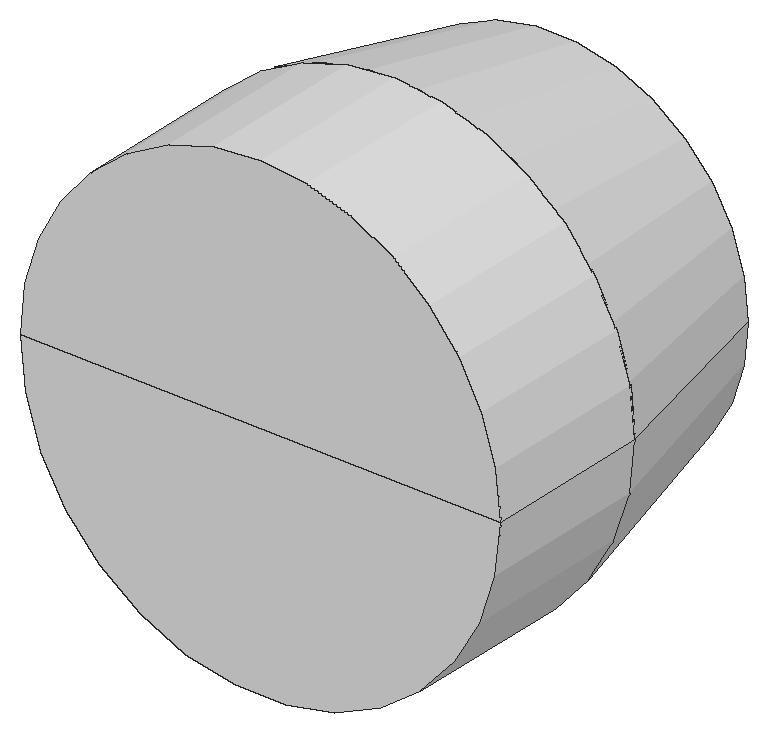
Revit family "CWSO-WW-S2 ENScape akustisk signalgiver hvit_Vegg", category Fire Alarm Devices, Revit 2016
Family settings
  Maintain Annotation Orientation = Yes
  Part Type = Normal
  Round Connector Dimension = Use Diameter
  OmniClass Number = 23.85.30.21.11.17
  OmniClass Title = Other Components
  Work Plane-Based = No
  Always vertical = No
  Cut with Voids When Loaded = No
  Shared = No
  Room Calculation Point = No
Parameters (values of type "Signalgiver")
  Type Comments = "-XH"
  Reference Line Out [instance] = 50.00 mm
  NS8360 = "5423_XN1"
  Manufacturer = "Honeywell"
  Keynote = "XN1"
  CQFontSymboler = ""
  CQ Diameter = 100.00 mm
  CQ Symbol Positive Direction [instance] = yes
  CQ Symbol Offset Side [instance] = 0.00 mm
  CQ Symbol Offset Out [instance] = 0.00 mm
  CQ Material = Plastic - White
  CQ Length = 77.00 mm
  Assembly Code = "5423"
Reference planes
  plane 1 "Center (Front/Back)": y = 0
  plane 2: z = 0
  plane 3 "Center (Left/Right)": x = 0
  plane 4: y = 77
  plane 5: x = 50
  plane 6: x = -50
  plane 7: z = 50
  plane 8: z = -50
Forms (mm)
  Revolve 1, solid, material "Plastic - White" <- "CQ Material"
    sketch origin (0, 0, 0) x (1, 0, 0) y (0, 1, 0)
      loop
        line (50, 0) -> (50, 35) -> (40, 77) -> (38, 77)
        arc (38, 77) -> (31.118, 58.248) -> (13.595, 48.661) r 28.41
        line (13.595, 48.661) -> (0, 55) -> (0, 0) -> (50, 0)
      axis (0, 77) -> (0, 0)
    angle from 0 to 360
Lines and regions (mm)
  model lines, style "InvisibleLines"
    curve 1: line (0, 0, 0) -> (0, 84, 0)
    curve 2: line (0, 0, 0) -> (0, 50, 0)
  symbolic lines, style "InvisibleLines"
    curve 3: line (-50, 0, 0) -> (-50, 77, 0)
    curve 4: line (-50, 77, 0) -> (50, 77, 0)
    curve 5: line (50, 77, 0) -> (50, 0, 0)
Dimensions and locks
  "CQ Length": plane 1 "Center (Front/Back)" to plane 4
  "Reference Line Out": plane 1 "Center (Front/Back)" to curve 2
  equal spacing: plane 6, plane 3 "Center (Left/Right)", plane 5
  "CQ Diameter": plane 6 to plane 5
  equal spacing: plane 7, plane 2, plane 8
  "CQ Diameter": plane 7 to plane 8
  aligned and locked: level to plane 2
  aligned and locked: curve 1 to plane 2
  aligned and locked: curve 2 to plane 3 "Center (Left/Right)"
  aligned and locked: plane 1 "Center (Front/Back)" to curve 2
  aligned and locked: curve 2 to plane 2
  aligned and locked: plane 3 "Center (Left/Right)" to nested 1
  aligned and locked: plane 1 "Center (Front/Back)" to nested 1
  aligned and locked: plane 1 "Center (Front/Back)" to curve 3
  aligned and locked: plane 1 "Center (Front/Back)" to curve 5
  aligned and locked: plane 4 to curve 4
  aligned and locked: plane 5 to curve 5
  aligned and locked: Revolve 1 sketch curve to plane 5
  aligned and locked: Revolve 1 sketch curve to plane 1 "Center (Front/Back)"
  aligned and locked: Revolve 1 sketch curve to plane 3 "Center (Left/Right)"
  aligned and locked: plane 4 to Revolve 1 sketch curve
Automatic sketch dimensions
  Revolve 1 sketch curve to plane 3 "Center (Left/Right)" = 0.00 mm
  plane 4 to Revolve 1 sketch curve = 0.212 mm
  Revolve 1 sketch curve to Revolve 1 sketch curve = 35.00 mm
  plane 4 to Revolve 1 sketch curve = 22.00 mm
  plane 3 "Center (Left/Right)" to Revolve 1 sketch curve = 13.595 mm
  Revolve 1 sketch curve to plane 4 = 1923.00 mm
  plane 3 "Center (Left/Right)" to Revolve 1 sketch curve = 9.59 mm
  plane 5 to Revolve 1 sketch curve = 12.00 mm
  Revolve 1 sketch curve to Revolve 1 sketch curve = 2.00 mm
  plane 1 "Center (Front/Back)" to Revolve 1 sketch curve = 2000.00 mm
  curve 4 to plane 6 = 0.00 mm
  curve 1 to plane 4 = 7.00 mm
Nested families
  nested 1: "Alarm - Summer" at (0, 0, 0), type "Type 1"
Connectors
  electrical at (0, 0, 0)
    settings: index 1, voltage 0 V, apparent load 0 VA, apparent load phase1 0 VA, apparent load phase2 0 VA, apparent load phase3 0 VA, power factor 1, load classification "Other", number of poles 1, system type 11, power factor state 1, is connector primary yes, connector utility no, sub classification motor no, connector description ""
Definition of nested family "Alarm - Summer"
  Parameters (values of type "Type 1")
    CQ Symbol Positive Direction = yes
    CQ Symbol Negative Direction = not(CQ Symbol Positive Direction)  # no
    CQ Symbol Offset Side = 0.00 mm
    CQ Symbol Offset Out = 0.00 mm
  Reference planes
    plane 1: y = 0
    plane 2: x = 0
  Dimensions and locks
    "CQ Symbol Offset Out": plane 1 to nested 1
    "CQ Symbol Offset Out": plane 1 to nested 2
    "CQ Symbol Offset Side": nested 2 to plane 2
    "CQ Symbol Offset Side": plane 2 to nested 1
  Nested families
    nested 1: "Alarm - SummerSub" at (0, 0, 0), visible <- "CQ Symbol Positive Direction", type "Type 1"
    nested 2: "Alarm - SummerSub" at (0, 0, 0), visible <- "CQ Symbol Negative Direction", type "Type 1"
  Definition of nested family "Alarm - SummerSub"
    Reference planes
      plane 1: y = 0
      plane 2: x = 0
    Lines and regions (mm)
      detail lines
        curve 1: line (0, 0, 0) -> (0, 2.5, 0)
        curve 2: line (0, 0, 0) -> (-1.847, 0, 0)
        curve 3: line (-2.5, 2.5, 0) -> (2.5, 2.5, 0)
        curve 4: line (0, 5, 0) -> (-2.5, 2.5, 0)
        curve 5: line (0, 5, 0) -> (2.5, 2.5, 0)
